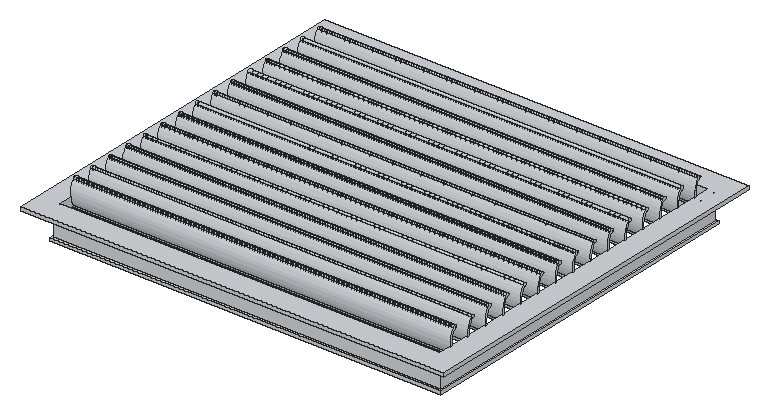
Revit family "BSCH", category Air Terminals, Revit 2012
Parameters (values of type "BSCH-18-16")
  Width = A Largo + 3" / 2  # 18 15/16"
  URL = "http://www.inne.com.mx"
  Separacion = 1"
  No. de elementos = (B Alto / Separacion)  # 15
  Mínima velocidad de cuello = 0 FPM
  Mínima presión estática = 0.00 in-wg
  Máximo nivel de ruido (NC) = ""
  Máxima velocidad de cuello = 0 FPM
  Máxima presión estática = 0.00 in-wg
  Material = ""
  Manufacturer = "INNE"
  Largo aspas = 18 7/16"
  Height = B Alto + 3" / 2  # 16 15/16"
  Cuello = ""
  B marco = B Alto + 2"  # 17 7/16"
  B Alto = 15 7/16"
  Altura = 1 1/2"
  A Largo = 17 7/16"
Types (5): name | Width | No. de elementos | Height | B marco | B Alto | A Largo
  (no name) | 18 15/16" | 15 | 16 15/16" | 17 7/16" | 15 7/16" | 17 7/16"
  BSCH-18-16 | 18 15/16" | 15 | 16 15/16" | 17 7/16" | 15 7/16" | 17 7/16"
  BSCH-20-18 | 20 15/16" | 17 | 18 15/16" | 19 7/16" | 17 7/16" | 19 7/16"
  BSCH-22-20 | 22 15/16" | 19 | 20 15/16" | 21 7/16" | 19 7/16" | 21 7/16"
  BSCH-24-22 | 24 15/16" | 21 | 22 15/16" | 23 7/16" | 21 7/16" | 23 7/16"
Reference planes (in)
  plane 1 "Center (Front/Back)": y = 0
  plane 2: z = 0
  plane 3 "Center (Left/Right)": x = 0
  plane 4: y = 7.71875
  plane 5: y = -7.71875
  plane 6: x = -8.71875
  plane 7: x = 8.71875
  plane 8: z = -0.58333
  plane 9: z = 0.16667
  plane 10: z = -1.33333
  plane 11: y = 8.71875
  plane 12: y = -8.71875
  plane 13: z = -1.33333
  plane 14: x = -9.21875
  plane 15: x = 9.21875
  plane 16: y = 7.03125
  plane 17: z = -0.23958
Forms (in)
  Sweep 1, solid
    path origin (0, 0, 0) x (1, 0, 0) y (0, 1, 0)
      loop
        line (-8.71875, 7.71875) -> (-8.71875, -7.71875) -> (8.71875, -7.71875) -> (8.71875, 7.71875) -> (-8.71875, 7.71875)
    profile origin (0, 7.71875, 0) x (0, 1, 0) y (0, 0, 1)
      loop
        line (0, 0) -> (0, -1.33333) -> (0.25, -1.33333) -> (0.25, -1.17708) -> (0.15625, -1.17708) -> (0.15625, -0.3125) -> (0.25, -0.3125) -> (0.25, -0.15625) -> (0.15625, -0.15625) -> (0.15625, 0) -> (0.15625, 0.10283) -> (0.25, 0.10283) -> (0.25, 0.02345) -> (0.35524, 0.02345) -> (0.35524, 0.06105) -> (0.30302, 0.06105) -> (0.30302, 0.10283) -> (0.47431, 0.10283) -> (0.47431, 0.06105) -> (0.43462, 0.06105) -> (0.43462, 0.02345) -> (0.52862, 0.02345) -> (0.52862, 0.10283) -> (0.94156, 0.10283) -> (0.94156, 0) -> (1, 0) -> (1, 0.16667) -> (0, 0.16667) -> (0, 0)
Dimensions and locks (in)
  equal spacing: plane 6, plane 3 "Center (Left/Right)", plane 7
  equal spacing: plane 4, plane 1 "Center (Front/Back)", plane 5
  "A Largo": plane 6 to plane 7
  "B Alto": plane 4 to plane 5
  "Altura": plane 9 to plane 10
  equal spacing: plane 11, plane 1 "Center (Front/Back)", plane 12
  "B marco": plane 11 to plane 12
  locked: plane 8 to plane 13 at 0.75
  equal spacing: plane 14, plane 3 "Center (Left/Right)", plane 15, locked at 9.21875 each
  "Largo aspas": plane 14 to plane 15
  locked: plane 4 to plane 16 at 0.6875
  locked: plane 9 to plane 17 at 0.40625
  equal spacing: group 1, group 2, group 3, group 4, group 5, group 6, group 7, group 8, group 9, group 10, group 11, group 12, group 13, group 14, group 15  (x2)
  equal spacing: group 15, group 14, group 13, group 12, group 11, group 10, group 9, group 8, group 7, group 6, group 5, group 4, group 3, group 2, group 1
  "Separacion": nested 1 to nested 2
  aligned and locked: plane 2 to level
  aligned and locked: Sweep 1 sketch curve to plane 4
  aligned and locked: plane 6 to Sweep 1 sketch curve
  aligned and locked: plane 5 to Sweep 1 sketch curve
  aligned and locked: Sweep 1 sketch curve to plane 7
  aligned and locked: plane 10 to Sweep 1
  aligned and locked: Sweep 1 to plane 4
  aligned and locked: plane 11 to Sweep 1
  aligned and locked: nested 1 to plane 16
  aligned and locked: nested 1 to plane 17
  aligned and locked: plane 6 to nested 1
  aligned and locked: Sweep 1 to plane 7
Automatic sketch dimensions
  Sweep 1 sketch curve to level = 0"  (x3)
  Sweep 1 sketch curve to profile plane = 0"
  Sweep 1 sketch curve to profile plane = 5/32"
  Sweep 1 sketch curve to Sweep 1 sketch curve = 0"  (x2)
  Sweep 1 sketch curve to Sweep 1 sketch curve = 3/32"  (x3)
  Sweep 1 sketch curve to Sweep 1 sketch curve = 0.05302"
  Sweep 1 sketch curve to Sweep 1 sketch curve = 0.05222"
  Sweep 1 sketch curve to Sweep 1 sketch curve = 0.07938"
  Sweep 1 sketch curve to Sweep 1 sketch curve = 0.03969"
  level to Sweep 1 sketch curve = 3/128"  (x2)
  Sweep 1 sketch curve to Sweep 1 sketch curve = 0.05431"
  Sweep 1 sketch curve to Sweep 1 sketch curve = 0.41294"
  Sweep 1 sketch curve to Sweep 1 sketch curve = 0.05844"
  Sweep 1 sketch curve to level = 5/32"
  Sweep 1 sketch curve to Sweep 1 sketch curve = 5/32"  (x2)
  Sweep 1 sketch curve to Sweep 1 sketch curve = 0.86458"
  Sweep 1 sketch curve to Sweep 1 sketch curve = 0.0376"  (x2)
  level to Sweep 1 sketch curve = 0.10283"
  Sweep 1 sketch curve to Sweep 1 sketch curve = 0.04178"
  level to Sweep 1 sketch curve = 0.16667"
Nested families (in)
  nested 1: "Rejilla BSCH" at (0, 7.03125, 0.86979) x (1, 0, 0) z (0, 0, -1), type "Rejilla BSCH"
    with Largo aspas 17 7/16"
  nested 2: "Rejilla BSCH" at (0, 6.03125, 0.86979) x (1, 0, 0) z (0, 0, -1), type "Rejilla BSCH"
    with Largo aspas 17 7/16"
  nested 3: "Rejilla BSCH" at (0, 5.03125, 0.86979) x (1, 0, 0) z (0, 0, -1), type "Rejilla BSCH"
    with Largo aspas 17 7/16"
  nested 4: "Rejilla BSCH" at (0, 4.03125, 0.86979) x (1, 0, 0) z (0, 0, -1), type "Rejilla BSCH"
    with Largo aspas 17 7/16"
  nested 5: "Rejilla BSCH" at (0, 3.03125, 0.86979) x (1, 0, 0) z (0, 0, -1), type "Rejilla BSCH"
    with Largo aspas 17 7/16"
  nested 6: "Rejilla BSCH" at (0, 2.03125, 0.86979) x (1, 0, 0) z (0, 0, -1), type "Rejilla BSCH"
    with Largo aspas 17 7/16"
  nested 7: "Rejilla BSCH" at (0, 1.03125, 0.86979) x (1, 0, 0) z (0, 0, -1), type "Rejilla BSCH"
    with Largo aspas 17 7/16"
  nested 8: "Rejilla BSCH" at (0, 0.03125, 0.86979) x (1, 0, 0) z (0, 0, -1), type "Rejilla BSCH"
    with Largo aspas 17 7/16"
  nested 9: "Rejilla BSCH" at (0, -0.96875, 0.86979) x (1, 0, 0) z (0, 0, -1), type "Rejilla BSCH"
    with Largo aspas 17 7/16"
  nested 10: "Rejilla BSCH" at (0, -1.96875, 0.86979) x (1, 0, 0) z (0, 0, -1), type "Rejilla BSCH"
    with Largo aspas 17 7/16"
  nested 11: "Rejilla BSCH" at (0, -2.96875, 0.86979) x (1, 0, 0) z (0, 0, -1), type "Rejilla BSCH"
    with Largo aspas 17 7/16"
  nested 12: "Rejilla BSCH" at (0, -3.96875, 0.86979) x (1, 0, 0) z (0, 0, -1), type "Rejilla BSCH"
    with Largo aspas 17 7/16"
  nested 13: "Rejilla BSCH" at (0, -4.96875, 0.86979) x (1, 0, 0) z (0, 0, -1), type "Rejilla BSCH"
    with Largo aspas 17 7/16"
  nested 14: "Rejilla BSCH" at (0, -5.96875, 0.86979) x (1, 0, 0) z (0, 0, -1), type "Rejilla BSCH"
    with Largo aspas 17 7/16"
  nested 15: "Rejilla BSCH" at (0, -6.96875, 0.86979) x (1, 0, 0) z (0, 0, -1), type "Rejilla BSCH"
    with Largo aspas 17 7/16"
Connectors (in)
  hvac at (0, 0, 0), driven by "B marco", driven by "Largo aspas"
    settings: on Sweep 1, index 1, duct flow 0 CFM, flow factor 0, pres drop 0.00 in-wg, loss coef 0, conn angle 0.00°, conn width 18 7/16", conn height 17 7/16", conn radius 12", duct sys type 1, conn prof type 1, flow config 0, flow direction 0, loss method 0, conn ref index -1, conn util no, is conn primary yes, conn desc ""
Definition of nested family "Rejilla BSCH"
  Parameters (values of type "Rejilla BSCH")
    Largo aspas = 18 7/16"
    Ancho aspas = 1/4"
    Alto aspas = 1 7/64"
  Reference planes (in)
    plane 1 "Center (Front/Back)": y = 0
    plane 2: z = 0
    plane 3 "Center (Left/Right)": x = 0
    plane 4: x = -9.21875
    plane 5: x = 9.21875
    plane 6: z = 1.10938
    plane 7: y = 0.125
    plane 8: y = -0.125
  Forms (in)
    Sweep 1, solid
      path origin (0, 0, 0) x (1, 0, 0) y (0, 1, 0)
        loop
          line (-9.21875, 0) -> (9.21875, 0)
      profile origin (0, 0, 0) x (0, 1, 0) y (0, 0, 1)
        loop
          arc (-0.01138, 1.06402) -> (-0.08619, 1.16317) -> (-0.03536, 1.04984) r 0.0625
          arc (-0.03536, 1.04984) -> (0.08706, 0.52485) -> (-0.10057, 0.01949) r 0.93539
          line (-0.10057, 0.01949) -> (-0.11676, -0.02498) -> (-0.14268, 0.00094) -> (-0.08062, 0.0743) -> (-0.10381, 0.09749) -> (-0.16429, 0.04861)
          arc (-0.16429, 0.04861) -> (-0.15328, -0.05574) -> (-0.06257, -0.00299) r 0.0625
          arc (-0.06257, -0.00299) -> (0.12655, 0.52267) -> (-0.01138, 1.06402) r 0.95316
  Dimensions and locks (in)
    equal spacing: plane 4, plane 3 "Center (Left/Right)", plane 5, locked at 9.21875 each
    "Largo aspas": plane 4 to plane 5
    "Alto aspas": plane 6 to level
    equal spacing: plane 7, plane 1 "Center (Front/Back)", plane 8, locked at 0.125 each
    "Ancho aspas": plane 7 to plane 8
    "Largo aspas": Sweep 1 sketch curve to Sweep 1 sketch curve
    aligned and locked: plane 2 to level
  Automatic sketch dimensions
    plane 1 "Center (Front/Back)" to Sweep 1 sketch curve = 0"
    Sweep 1 sketch curve to plane 4 = 0"
    Sweep 1 sketch curve to level = 0"
    profile plane to Sweep 1 sketch curve = 0.84646"
    Sweep 1 sketch curve to Sweep 1 sketch curve = 0.02094"
    level to Sweep 1 sketch curve = 0.04861"
    profile plane to Sweep 1 sketch curve = 0.16429"
    level to Sweep 1 sketch curve = 0.00094"
    Sweep 1 sketch curve to Sweep 1 sketch curve = 0.02161"
    Sweep 1 sketch curve to Sweep 1 sketch curve = 0.01768"
    Sweep 1 sketch curve to level = 0.02498"
    Sweep 1 sketch curve to Sweep 1 sketch curve = 0.00824"
    Sweep 1 sketch curve to Sweep 1 sketch curve = 0.06048"
    level to Sweep 1 sketch curve = 0.01949"
    Sweep 1 sketch curve to Sweep 1 sketch curve = 0.02443"
    Sweep 1 sketch curve to Sweep 1 sketch curve = 0.02319"  (x2)
    Sweep 1 sketch curve to level = 0.00299"
    profile plane to Sweep 1 sketch curve = 0.05438"
    profile plane to Sweep 1 sketch curve = 0.03536"
    profile plane to Sweep 1 sketch curve = 0.01138"
    Sweep 1 sketch curve to Sweep 1 sketch curve = 0.05482"
    level to Sweep 1 sketch curve = 0.56834"
    Sweep 1 sketch curve to Sweep 1 sketch curve = 0.0156"
